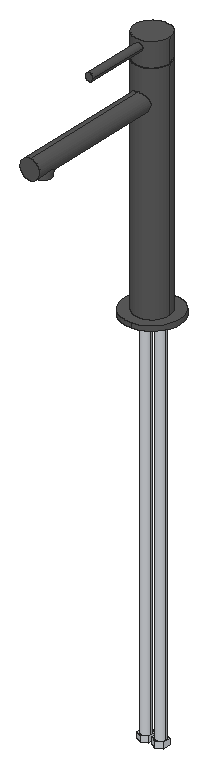
Revit family "A42557", category Plumbing Fixtures, host Face, Revit 2017
Family settings
  Host = Face
  Round Connector Dimension = Use Diameter
  Part Type = Normal
  OmniClass Number = 23.45.55.17
  OmniClass Title = Mixing Faucets
  Cut with Voids When Loaded = No
  Shared = Yes
  Room Calculation Point = No
Parameters (values of type "BasinMixer-Vitra-OriginSeries-Bowl(MatteBlack)-A4255736WTC")
  Youtube = "https://www.youtube.com/user/VitrAglobal"
  Weight Net (kg) = "1.8"
  Waste Connection = no
  Warranty Period (Year) = "10 Years"
  Vent Connection = no
  Uniformat II Description = "Plumbing Fixture"
  Uniformat II Code = "22 40 00"
  Uniclass 2015 Name = "Washbasin Tap"
  Uniclass 2015 Code = "Pr_40_20_87_98"
  Uniclass 2.0 Description = "Washbasin Tap"
  Uniclass 2.0 Code = "Pr_40_30_96_98"
  Uniclass 1.4 Description = "Mixer taps"
  Uniclass 1.4 Code = "L725111"
  URL = "https://vitraglobal.com/"
  UNSPSC Description = ""
  UNSPSC Code = ""
  Test Pressure = "16 bar"
  Technical description = "https://www.vitraglobal.com/pdf/A4255736/"
  Tap hole Options (default) = ""
  Specification = ""
  Region South America = "All"
  Region Oceania = "All"
  Region North America = "All"
  Region Middle East = "All"
  Region Europe = "All"
  Region Asia = "All"
  Region Antarctica = "All"
  Region Africa = "All"
  Range of flow pressure = "1 - 5 bar"
  Range of Hot Water Supply = "5 - 65 °C"
  Product url = ""
  Product manual = ""
  Product group = "Origin Basin Mixer (Bowl)"
  Product family = "Origin"
  Product data url = "https://www.vitraglobal.com/taps-mixers/basin-mixers/countertop-basin-mixers/origin-tall-basin-mixer-for-bowls-sku-A4255736/"
  Product certification = "https://www.vitraglobal.com/brochures/"
  Product Type = "Basin Mixer"
  Product SKU = "A4255736WTC"
  Product Properties = "Extra Water Saving, Green Building Certification, Energy Saving, Easy İnstallation"
  Product Guid = ""
  OmniClass Description = "Mixing Faucets"
  OmniClass Code = "23.45.55.17"
  Number Of Connections = "2"
  Nominal Width (mm) = 60 mm
  Nominal Height (mm) = 295 mm
  Nominal Depth (mm) = 190 mm
  NBS Referans Description = "Water supply fittings for wash basins and troughs"
  NBS Referans Code = "45-35-70/371"
  Mounting type = "Countertop"
  Model = "A4255736WTC"
  Min. flow pressure of = "0.5 bar"
  Masterformat 2014 Description = "Plumbing Fixtures"
  Masterformat 2014 Code = "22 40 00"
  Manufacturer name = "Vitra"
  Manufacturer = "Vitra"
  Main Material = "Brass"
  Installation instructions = ""
  IFC Classification = "Sanitary Terminal"
  Hot Water temperature, factory set to = "38 °C"
  Hot Water Supply (max.) = "80 °C"
  Help = ""
  HW Connection = yes
  GTIP code = ""
  Flow Rate(L/min. - 3 bar) = "5L/min."
  Features = ""
  EAN code = ""
  Design country = "Turkey"
  Description = "Origin Tall Basin Mixer for Bowls"
  Default Elevation = 850 mm
  Connection Diameter (mm) = 10 mm
  Color = "Matte Black"
  Coating Material = Matte Black
  Calculated flow = ""
  CW Connection = yes
  COBIe Type Category = ""
  Brand = "VitrA"
  BIMobject category = "Taps & Mixers"
  Article No. (default) = "A4255736WTC"
  Approvals = ""
  ApplicationType = ""
  Accessories (default) = ""
Types (14, lengths in mm): name | Weight Net (kg) | Technical description | Product url | Product data url | Product SKU | Model | Connection Diameter (mm) | Color | Coating Material | Article No. (default)
  BasinMixer-Vitra-OriginSeries-Bowl(MatteBlack)-A4255736 | "2" | "https://www.vitraglobal.com/pdf/A4255736/" | "" | "https://www.vitraglobal.com/taps-mixers/basin-mixers/countertop-basin-mixers/origin-tall-basin-mixer-for-bowls-sku-A4255736/" | "A4255736" | "A4255736" | 10 | "Matte Black" | Matte Black | "A4255736"
  BasinMixer-Vitra-OriginSeries-Bowl(Nickel)-A4255734 | "2" | "https://www.vitraglobal.com/pdf/A4255734/" | "" | "https://www.vitraglobal.com/taps-mixers/basin-mixers/countertop-basin-mixers/origin-tall-basin-mixer-for-bowls-sku-A4255734/" | "A4255734" | "A4255734" | 10 | "Nickel" | Nickel | "A4255734"
  BasinMixer-Vitra-OriginSeries-Bowl(BrightCopper)-A4255726 | "2" | "https://www.vitraglobal.com/pdf/A4255726/" | "" | "https://www.vitraglobal.com/taps-mixers/basin-mixers/countertop-basin-mixers/origin-tall-basin-mixer-for-bowls-sku-A4255726/" | "A4255726" | "A4255726" | 10 | "Bright Copper" | BrightCopper | "A4255726"
  BasinMixer-Vitra-OriginSeries-Bowl(Chrome)-A42557 | "2" | "https://www.vitraglobal.com/pdf/A42557/" | "" | "https://www.vitraglobal.com/taps-mixers/basin-mixers/countertop-basin-mixers/origin-tall-basin-mixer-for-bowls-sku-A42557/" | "A42557" | "A42557" | 10 | "Chrome" | Chrome | "A42557"
  BasinMixer-Vitra-OriginSeries-Bowl(Chrome)-A42557EXP | "2" | "https://www.vitraglobal.com/pdf/A42557/" | "https://www.vitraglobal.com/taps-mixers/basin-mixers/countertop-basin-mixers/origin-tall-basin-mixer-for-bowls-sku-A42557/" | "" | "A42557EXP" | "A42557EXP" | 10 | "Chrome" | Chrome | "A42557EXP"
  BasinMixer-Vitra-OriginSeries-Bowl(Chrome)-A42557IND | "2" | "https://www.vitra-india.com/pdf/A42557IND/" | "https://www.vitra-india.com/taps-mixers/basin-mixers/countertop-basin-mixers/origin-tall-basin-mixer-for-bowls-sku-A42557IND/" | "" | "A42557IND" | "A42557IND" | 15 | "Chrome" | Chrome | "A42557IND"
  BasinMixer-Vitra-OriginSeries-Bowl(Chrome)-A42557VUK | "2" | "https://www.vitra.co.uk/pdf/A42557/" | "https://www.vitra.co.uk/taps-mixers/basin-mixers/countertop-basin-mixers/origin-tall-basin-mixer-for-bowls-sku-A42557/" | "" | "A42557VUK" | "A42557VUK" | 15 | "Chrome" | Chrome | "A42557VUK"
  BasinMixer-Vitra-OriginSeries-Bowl(BrightCopper)-A4255726IND | "2" | "https://www.vitra-india.com/taps-mixers/basin-mixers/countertop-basin-mixers/origin-tall-basin-mixer-for-bowls-sku-A4255726IND/" | "https://www.vitra-india.com/taps-mixers/basin-mixers/countertop-basin-mixers/origin-tall-basin-mixer-for-bowls-sku-A4255726IND/" | "" | "A4255726IND" | "A4255726IND" | 15 | "Bright Copper" | BrightCopper | "A4255726IND"
  BasinMixer-Vitra-OriginSeries-Bowl(BrightCopper)-A4255726VUK | "2" | "https://www.vitra.co.uk/pdf/A4255726/" | "https://www.vitra.co.uk/taps-mixers/basin-mixers/countertop-basin-mixers/origin-tall-basin-mixer-for-bowls-sku-A4255726/" | "" | "A4255726VUK" | "A4255726VUK" | 15 | "Bright Copper" | BrightCopper | "A4255726VUK"
  BasinMixer-Vitra-OriginSeries-Bowl(Nickel)-A4255734IND | "2" | "https://www.vitra-india.com/taps-mixers/basin-mixers/countertop-basin-mixers/origin-tall-basin-mixer-for-bowls-sku-A4255734IND/" | "https://www.vitra-india.com/taps-mixers/basin-mixers/countertop-basin-mixers/origin-tall-basin-mixer-for-bowls-sku-A4255734IND/" | "" | "A4255734IND" | "A4255734IND" | 15 | "Nickel" | Nickel | "A4255734IND"
  BasinMixer-Vitra-OriginSeries-Bowl(Nickel)-A4255734VUK | "2" | "https://www.vitra.co.uk/pdf/A4255734/" | "https://www.vitra.co.uk/taps-mixers/basin-mixers/countertop-basin-mixers/origin-tall-basin-mixer-for-bowls-sku-A4255734/" | "" | "A4255734VUK" | "A4255734VUK" | 15 | "Brushed Nickel" | Nickel | "A4255734VUK"
  BasinMixer-Vitra-OriginSeries-Bowl(MatteBlack)-A4255736IND | "2" | "https://www.vitra-india.com/taps-mixers/basin-mixers/countertop-basin-mixers/origin-tall-basin-mixer-for-bowls-sku-A4255736IND/" | "https://www.vitra-india.com/taps-mixers/basin-mixers/countertop-basin-mixers/origin-tall-basin-mixer-for-bowls-sku-A4255736IND/" | "" | "A4255736IND" | "A4255736IND" | 15 | "Matte Black" | Matte Black | "A4255736IND"
  BasinMixer-Vitra-OriginSeries-Bowl(MatteBlack)-A4255736VUK | "2" | "https://www.vitra.co.uk/pdf/A4255736/" | "https://www.vitra.co.uk/taps-mixers/basin-mixers/countertop-basin-mixers/origin-tall-basin-mixer-for-bowls-sku-A4255736/" | "" | "A4255736VUK" | "A4255736VUK" | 15 | "Matte Black" | Matte Black | "A4255736VUK"
  BasinMixer-Vitra-OriginSeries-Bowl(MatteBlack)-A4255736WTC | "1.8" | "https://www.vitraglobal.com/pdf/A4255736/" | "" | "https://www.vitraglobal.com/taps-mixers/basin-mixers/countertop-basin-mixers/origin-tall-basin-mixer-for-bowls-sku-A4255736/" | "A4255736WTC" | "A4255736WTC" | 10 | "Matte Black" | Matte Black | "A4255736WTC"
Reference planes
  plane 1 "Center (Front/Back)": y = 0
  plane 2: z = 0
  plane 3 "Center (Left/Right)": x = 0
  plane 4: y = 29
  plane 5: y = -161
  plane 6: x = 28.943
  plane 7: x = -31.057
  plane 8: z = 295
  plane 9: z = 265.411
Forms (mm)
  Extrusion 1, solid
    sketch origin (-205, 75, 210) x (1, 0, 0) y (0, 1, 0)
      loop
        circle (213.725, -74.46) r 5
    from -210 to -605
  Extrusion 2, solid
    sketch origin (-220.625, 75, 210) x (1, 0, 0) y (0, 1, 0)
      loop
        circle (213.725, -74.46) r 5
    from -210 to -605
  Extrusion 3, solid
    sketch origin (-205, 75, -395) x (0, 1, 0) y (1, 0, 0)
      loop
        line (-81.652, 213.664) -> (-78.054, 207.432) -> (-70.857, 207.432) -> (-67.259, 213.664) -> (-70.857, 219.896) -> (-78.054, 219.896) -> (-81.652, 213.664)
    from 0 to 6
  Extrusion 4, solid
    sketch origin (-220.625, 75, -395) x (0, 1, 0) y (1, 0, 0)
      loop
        line (-81.652, 213.664) -> (-78.054, 207.432) -> (-70.857, 207.432) -> (-67.259, 213.664) -> (-70.857, 219.896) -> (-78.054, 219.896) -> (-81.652, 213.664)
    from 0 to 6
  Extrusion 5, solid, material "Matte Black" <- "Coating Material", detail levels medium+fine
    sketch origin (0, 0, 0) x (1, 0, 0) y (0, 1, 0)
      loop
        circle (0, 0) r 29
    from 0 to 5
  Extrusion 6, solid, material "Matte Black" <- "Coating Material", detail levels medium+fine
    sketch origin (0, 0, 0) x (1, 0, 0) y (0, 1, 0)
      loop
        circle (0.07, -0.05) r 18
    from 0 to 240.011
  Extrusion 7, solid, material "Matte Black" <- "Coating Material", detail levels medium+fine
    sketch origin (0, 0, 25.4) x (1, 0, 0) y (0, 1, 0)
      loop
        circle (0.07, -0.05) r 18
    from 216.011 to 240.011
  Extrusion 8, solid, material "Matte Black" <- "Coating Material", detail levels medium+fine
    sketch origin (-10.052, -160, 206.011) x (1, 0, 0) y (0, 0, 1)
      loop
        circle (10.052, 0) r 10.25
    from 0 to -160
  Extrusion 9, solid, material "Matte Black" <- "Coating Material", detail levels medium+fine
    sketch origin (0.07, -82.05, 254.867) x (1, 0, 0) y (0, 0, 1)
      loop
        circle (0, 3.543) r 4
    from 0 to -82.05
  Extrusion 10, void
    sketch origin (0, 0, 0) x (0, 1, 0) y (0, 0, 1)
      loop
        line (-1.116, 240.958) -> (25.024, 240.958) -> (25.024, 252.054) -> (-1.116, 240.958)
    from -22.24 to 22.438
  Revolve 11, solid, material "Matte Black" <- "Coating Material", detail levels medium+fine
    sketch origin (0, 0, 0) x (0, 1, 0) y (0, 0, 1)
      loop
        arc (16, 240.011) -> (11.314, 251.324) -> (0, 256.011) r 16
        line (0, 256.011) -> (0, 240.011) -> (16, 240.011)
      axis (0, 240.011) -> (0, 256.011)
    angle from 0 to 360
  Extrusion 12, solid, material "Matte Black" <- "Coating Material", detail levels medium+fine
    sketch origin (8.32, -145.2, 194.338) x (0, 0.990268, -0.139173) y (1, 0, 0)
      loop
        circle (0.274, -8.368) r 9.5
    from 0.482 to -11.865
  Extrusion 13, solid, detail levels coarse
    sketch origin (0, 0, 0) x (1, 0, 0) y (0, 1, 0)
      loop
        line (28.943, 29) -> (-31.057, 29) -> (-31.057, -161) -> (28.943, -161) -> (28.943, 29)
    from 0 to 295
Cuts and joins
  Extrusion 10 cuts Extrusion 7
  joined: Extrusion 5, Extrusion 6, Extrusion 7, Extrusion 8, Extrusion 9, Revolve 11, Extrusion 12
Dimensions and locks
  "Nominal Width (mm)": plane 7 to plane 6
  "Nominal Depth (mm)": plane 4 to plane 5
  "Nominal Height (mm)": plane 8 to host face
  host face to plane 9 = 265.411 mm
  aligned and locked: plane 2 to host face
  aligned and locked: level to host face
Automatic sketch dimensions
  host sketch curve to host sketch curve = 2438.4 mm  (x2)
  Extrusion 1 sketch curve to plane 1 "Center (Front/Back)" = 0.54 mm
  plane 3 "Center (Left/Right)" to Extrusion 1 sketch curve = 8.725 mm
  Extrusion 2 sketch curve to plane 1 "Center (Front/Back)" = 0.54 mm
  Extrusion 2 sketch curve to plane 3 "Center (Left/Right)" = 6.9 mm
  Extrusion 3 sketch curve to Extrusion 3 sketch curve = 3.598 mm  (x3)
  Extrusion 3 sketch curve to Extrusion 3 sketch curve = 7.196 mm  (x2)
  Extrusion 3 sketch curve to Extrusion 3 sketch curve = 6.232 mm  (x3)
  Extrusion 4 sketch curve to Extrusion 4 sketch curve = 3.598 mm  (x3)
  Extrusion 4 sketch curve to Extrusion 4 sketch curve = 7.196 mm  (x2)
  Extrusion 4 sketch curve to Extrusion 4 sketch curve = 6.232 mm  (x3)
  Extrusion 5 sketch curve to Extrusion 5 sketch curve = 0 mm  (x2)
  plane 1 "Center (Front/Back)" to Extrusion 5 sketch curve = 0 mm
  Extrusion 5 sketch curve to plane 3 "Center (Left/Right)" = 0 mm
  Extrusion 5 sketch curve to plane 4 = 0.057 mm
  Extrusion 5 sketch curve to plane 3 "Center (Left/Right)" = 1.821 mm
  plane 3 "Center (Left/Right)" to Extrusion 5 sketch curve = 1.821 mm
  Extrusion 6 sketch curve to Extrusion 6 sketch curve = 0 mm  (x2)
  plane 3 "Center (Left/Right)" to Extrusion 6 sketch curve = 0.07 mm
  plane 1 "Center (Front/Back)" to Extrusion 6 sketch curve = 0.05 mm
  plane 1 "Center (Front/Back)" to Extrusion 6 sketch curve = 1.18 mm
  Extrusion 6 sketch curve to plane 7 = 13.163 mm
  Extrusion 6 sketch curve to plane 1 "Center (Front/Back)" = 1.08 mm
  Extrusion 7 sketch curve to Extrusion 7 sketch curve = 0 mm  (x2)
  plane 3 "Center (Left/Right)" to Extrusion 7 sketch curve = 0.07 mm
  plane 1 "Center (Front/Back)" to Extrusion 7 sketch curve = 0.05 mm
  plane 1 "Center (Front/Back)" to Extrusion 7 sketch curve = 1.18 mm
  Extrusion 7 sketch curve to plane 7 = 13.163 mm
  Extrusion 7 sketch curve to plane 1 "Center (Front/Back)" = 1.08 mm
  Extrusion 8 sketch curve to Extrusion 8 sketch curve = 0 mm  (x2)
  Extrusion 8 sketch curve to plane 3 "Center (Left/Right)" = 0 mm
  level to Extrusion 8 sketch curve = 206.011 mm
  Extrusion 8 sketch curve to plane 3 "Center (Left/Right)" = 0.644 mm
  plane 3 "Center (Left/Right)" to Extrusion 8 sketch curve = 0.644 mm
  Extrusion 8 sketch curve to Extrusion 8 sketch curve = 10.23 mm
  Extrusion 9 sketch curve to Extrusion 9 sketch curve = 0 mm  (x2)
  plane 3 "Center (Left/Right)" to Extrusion 9 sketch curve = 0.07 mm
  level to Extrusion 9 sketch curve = 258.411 mm
  Extrusion 9 sketch curve to plane 3 "Center (Left/Right)" = 3.922 mm
  Extrusion 9 sketch curve to Extrusion 9 sketch curve = 3.992 mm
  Extrusion 9 sketch curve to Extrusion 9 sketch curve = 0.251 mm
  plane 1 "Center (Front/Back)" to Extrusion 10 sketch curve = 1.116 mm
  Extrusion 10 sketch curve to plane 4 = 3.976 mm
  level to Extrusion 10 sketch curve = 240.958 mm
  Extrusion 10 sketch curve to Extrusion 10 sketch curve = 11.096 mm
  Revolve 11 sketch curve to plane 1 "Center (Front/Back)" = 0 mm  (x2)
  Revolve 11 sketch curve to plane 4 = 13 mm
  level to Revolve 11 sketch curve = 240.011 mm
  Revolve 11 sketch curve to Revolve 11 sketch curve = 6 mm
  Revolve 11 sketch curve to Revolve 11 sketch curve = 2.31 mm
  Extrusion 12 sketch curve to Extrusion 12 sketch curve = 0 mm  (x2)
  Extrusion 12 sketch curve to plane 3 "Center (Left/Right)" = 0.048 mm
  Extrusion 12 sketch curve to Extrusion 12 sketch curve = 9.5 mm
  Extrusion 13 sketch curve to plane 4 = 0 mm
  Extrusion 13 sketch curve to plane 7 = 0 mm
  Extrusion 13 sketch curve to plane 5 = 0 mm
  Extrusion 13 sketch curve to plane 6 = 0 mm
  radius of Extrusion 1 sketch curve = 5 mm
  radius of Extrusion 2 sketch curve = 5 mm
Connectors
  piping at (8.664, 0.545, -401), diameter 10, driven by "Connection Diameter (mm)", driven by "CW Connection"
    settings: on Extrusion 3, index 1, connector inside diameter 609.6 mm, connector length 0 mm, flow factor 0, pipe flow 0.0 L/s, pressure drop 0.0 Pa, fitting loss kfactor 0, connector angle 0.00°, fixture units 0, engagement length 0 mm, angle of deflection 0.00°, flow configuration 0, flow direction 1, fitting loss method 0, system type 20, joint type 0, gender type 0, connector reference index -1, connector utility 1, adjustable connector no, is connector primary yes, connector description ""
  piping at (-6.961, 0.545, -401), diameter 10, driven by "Connection Diameter (mm)", driven by "HW Connection"
    settings: on Extrusion 4, index 2, connector inside diameter 609.6 mm, connector length 0 mm, flow factor 0, pipe flow 0.0 L/s, pressure drop 0.0 Pa, fitting loss kfactor 0, connector angle 0.00°, fixture units 0, engagement length 0 mm, angle of deflection 0.00°, flow configuration 0, flow direction 1, fitting loss method 0, system type 19, joint type 0, gender type 0, connector reference index -1, connector utility 1, adjustable connector no, is connector primary no, connector description ""
